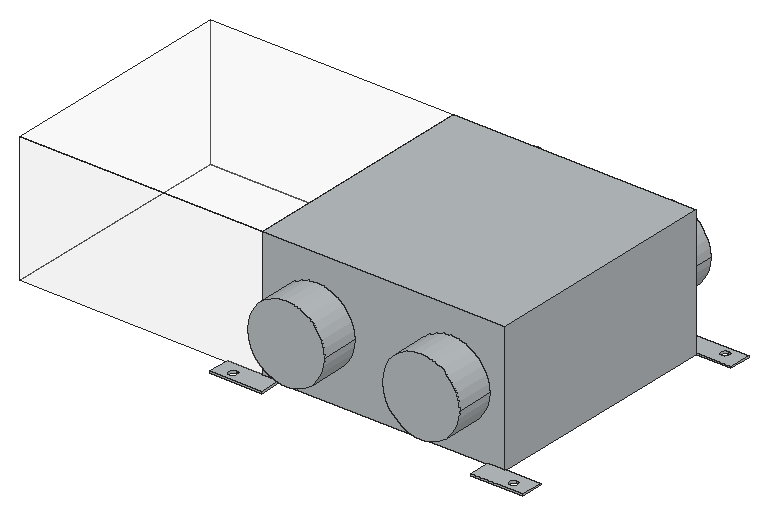
Revit family "bfs-30_80wsu2_50Hz", category 機械設備, Revit 2019
Family settings
  丸型コネクタ寸法 = 直径を使用
  パーツ タイプ = 割り込み
  OmniClass 番号 = 23.75.35.17.27
  OmniClass タイトル = Centrifugal Fans
  作業面ベース = いいえ
  常に垂直 = はい
  ロード時にボイドで切り取り = いいえ
  共有 = いいえ
  部屋計算ポイント = はい
Parameters (values of type "BFS-30WSU2")
  騒音レベル(dB(A))_吸込 = 32.5
  騒音レベル(dB(A))_吐出 = 34
  騒音レベル(dB(A))_側面 = 29
  騒音レベル(dB(A)) = 34
  風量 [instance] = 設計風量  # 0.0 m³/h
  電源種別 [instance] = "一般"
  電圧 = 100 V
  電動機出力 = 30 W
  電動機_種別 [instance] = ""
  運転質量 = 0.00 kg
  連動 [instance] = ""
  質量 = if(製品質量 > 運転質量, 製品質量, 運転質量) * 1.2  # 18.60 kg
  負荷分類 = 3_ファン類
  説明 = "ストレートシロッコファン同時給排気タイプ消音形"
  設計風量 [instance] = 0.0 m³/h
  設置方法 = "天吊"
  記号 [instance] = ""
  製造元 = "三菱電機株式会社"
  製品質量 = 15.50 kg
  製品出荷対象 = "国内"
  製品リリース年月 = "2022年6月1日"
  製品グループ = ""
  系統 [instance] = ""
  符号 [instance] = if(☑給気／□排気, "FS", "FE")  # "FE"
  積算_科目 = "2 換気設備"
  積算_拾い区分 [instance] = ""
  相 = 1
  盤記号 [instance] = ""
  盤工事区分 = "電気工事"
  発停方法 [instance] = "別売スイッチ"
  番手 = "#1"
  特殊仕様 [instance] = ""
  火災停止 = ""
  消費電力 = 75 W
  法定耐用年数 = "15"
  機外静圧 [instance] = 0.0 Pa
  極数 = 2
  極 = 4
  材質 [instance] = ""
  本体マテリアル = 溶融亜鉛めっき鋼板
  操作・制御方式 = ""
  操作・制御スイッチ = ""
  排気量 [instance] = if(☑給気／□排気, 0.0 m³/h, 設計風量)  # 0.0 m³/h
  形式 = ""
  形名 = BFS-WSU : BFS-30WSU
  幹線記号 [instance] = ""
  対象室 [instance] = ""
  実風量 = 0.0 m³/h
  始動方式 [instance] = "直入"
  外気量 [instance] = if(☑給気／□排気, 設計風量, 0.0 m³/h)  # 0.0 m³/h
  呼称 = "消音ボックス付送風機"
  周波数 = 50 Hz
  天吊金具ピッチ幅 = 520 mm
  天吊金具ピッチ奥行 = 490 mm
  参照している仕様書等のバージョン = ""
  分類コード = "50052502100020"
  分類グループ = ""
  価格 = 146000
  企業コード = "108420"
  付属品_防振装置 = ""
  付属品 [instance] = ""
  仕様書バージョン = "Version1.0"
  モデル = "BFS-30WSU2"
  ファンの種類 = "多翼形"
  ダクト径 = 150 mm
  サービススペース = yes
  コメント [instance] = ""
  Keynote = ""
  ☑給気／□排気 [instance] = no
  Width = 448 mm
  Version = ""
  Uniclass2015Version = "Systems v1.9"
  Uniclass2015Title = "Centrifugal fans"
  Uniclass2015Code = "Pr_65_67_29_12"
  URL = "https://www.mitsubishielectric.co.jp/ldg/wink/ssl/displayProduct.do?pid=319100"
  SpecificationReference = ""
  SpecificationDescription = ""
  Revision = ""
  ProductInformation = ""
  OmniClassCode = "23-33 31 19 13 15"
  MIN風量 = 201.0 m³/h
  MIN静圧 = 18.0 Pa
  MID風量 = 0.0 m³/h
  MID静圧 = 0.0 Pa
  MAX風量 = 300.0 m³/h
  MAX静圧 = 39.0 Pa
  M = 70 mm
  IfcTypeProduct = ""
  IfcProduct = ""
  IfcExportType = "CENTRIFUGALFORWARDCURVED"
  IfcExportAs = "IfcFanType"
  Height = 240 mm
  Depth = 442 mm
  Clearance Top = 0 mm  # constant formula
  Clearance Right = 0 mm  # constant formula
  Clearance Left = 450 mm  # constant formula
  Clearance Front = 0 mm  # constant formula
  Clearance Bottom = 0 mm  # constant formula
  Clearance Back = 0 mm  # constant formula
  Author = "三菱電機株式会社"
Types (3, lengths in mm): name | 騒音レベル(dB(A))_吸込 | 騒音レベル(dB(A))_吐出 | 騒音レベル(dB(A))_側面 | 騒音レベル(dB(A)) | 電動機出力 | 質量 | 製品質量 | 番手 | 消費電力 | 形名 | 天吊金具ピッチ幅 | 天吊金具ピッチ奥行 | 価格 | モデル | ダクト径 | Width | URL | MIN風量 | MIN静圧 | MAX風量 | MAX静圧 | M | Height | Depth
  BFS-30WSU2 | 32.5 | 34 | 29 | 34 | 30 W | 18.60 kg | 15.50 kg | "#1" | 75 W | BFS-WSU : BFS-30WSU | 520 | 490 | 146000 | "BFS-30WSU2" | 150 | 448 | "https://www.mitsubishielectric.co.jp/ldg/wink/ssl/displayProduct.do?pid=319100" | 201.0 m³/h | 18.0 Pa | 300.0 m³/h | 39.0 Pa | 70 | 240 | 442
  BFS-50WSU2 | 34.5 | 39 | 31 | 39 | 90 W | 36.00 kg | 30.00 kg | "#1 1/4" | 171 W | BFS-WSU : BFS-50WSU | 720 | 570 | 245000 | "BFS-50WSU2" | 200 | 649 | "https://www.mitsubishielectric.co.jp/ldg/wink/ssl/displayProduct.do?pid=319115" | 450.0 m³/h | 80.0 Pa | 500.0 m³/h | 98.0 Pa | 85 | 270 | 522
  BFS-80WSU2 | 35 | 41 | 35 | 41 | 200 W | 51.60 kg | 43.00 kg | "#1 1/4" | 244 W | BFS-WSU : BFS-80WSU | 850 | 645 | 320000 | "BFS-80WSU2" | 200 | 779 | "https://www.mitsubishielectric.co.jp/ldg/wink/ssl/displayProduct.do?pid=318808" | 638.0 m³/h | 70.0 Pa | 800.0 m³/h | 108.0 Pa | 85 | 320 | 597
Reference planes
  plane 1 "中心(正面/背面)": y = 0
  plane 2: z = 0
  plane 3 "中心(左/右)": x = 0
  plane 4 "4": x = 0
  plane 5 "3": x = 0
  plane 6 "左": x = -224
  plane 7 "右": x = 224
  plane 8 "背面": y = 221
  plane 9 "正面": y = -221
  plane 10: z = 120
  plane 11: y = 245
  plane 12: y = -245
  plane 13: x = 260
  plane 14: x = -260
  plane 15: z = -120
  plane 16: y = 221
  plane 17: y = -221
  plane 18: x = 224
  plane 19: x = -674
  plane 20: z = 120
  plane 21: z = -120
Lines and regions (mm)
  Masking region 1, detail levels coarse+medium
    outline origin (-342.678, -612.138, 0) x (1, 0, 0) y (0, 1, 0)
      loop
        line (118.678, 391.138) -> (566.678, 391.138) -> (566.678, 833.138) -> (118.678, 833.138) -> (118.678, 391.138)
  symbolic lines, detail levels coarse+medium
    curve 1: line (-224, 221, 0) -> (224, 0, 0)
    curve 2: line (224, 0, 0) -> (-224, -221, 0)
Dimensions and locks
  equal spacing: plane 6 "左", plane 5 "3", plane 7 "右"
  "Width": plane 6 "左" to plane 7 "右"
  equal spacing: plane 9 "正面", plane 1 "中心(正面/背面)", plane 8 "背面"
  "Depth": plane 9 "正面" to plane 8 "背面"
  equal spacing: plane 10, level, plane 15
  "Height": plane 10 to plane 15
  equal spacing: plane 12, plane 1 "中心(正面/背面)", plane 11
  "天吊金具ピッチ奥行": plane 12 to plane 11
  equal spacing: plane 14, plane 5 "3", plane 13
  "天吊金具ピッチ幅": plane 14 to plane 13
  "Clearance Back": plane 8 "背面" to plane 16
  "Clearance Front": plane 17 to plane 9 "正面"
  "Clearance Left": plane 19 to plane 6 "左"
  "Clearance Right": plane 7 "右" to plane 18
  "Clearance Top": plane 20 to plane 10
  "Clearance Bottom": plane 15 to plane 21
  aligned and locked: level to plane 2
  aligned and locked: nested 1 to plane 11
  aligned and locked: plane 12 to nested 1
  aligned and locked: plane 14 to nested 1
  aligned and locked: plane 13 to nested 1
  aligned and locked: plane 10 to nested 2
  aligned and locked: plane 19 to nested 3
  aligned and locked: plane 17 to nested 3
  aligned and locked: plane 20 to nested 3
  aligned and locked: plane 21 to nested 3
  aligned and locked: plane 16 to nested 3
  aligned and locked: plane 6 "左" to nested 3
  aligned and locked: plane 1 "中心(正面/背面)" to nested 2
  aligned and locked: nested 2 to plane 5 "3"
  aligned and locked: plane 7 "右" to Masking region 1
  aligned and locked: Masking region 1 to plane 6 "左"
  aligned and locked: Masking region 1 to plane 8 "背面"
  aligned and locked: plane 9 "正面" to Masking region 1
Automatic sketch dimensions
  plane 14 to Masking region 1 sketch curve = 36 mm
  plane 3 "中心(左/右)" to Masking region 1 sketch curve = 224 mm
  Masking region 1 sketch curve to plane 12 = 24 mm
  plane 8 "背面" to Masking region 1 sketch curve = 0 mm
  curve 2 to plane 6 "左" = 0 mm
  curve 1 to plane 6 "左" = 0 mm
  curve 2 to plane 7 "右" = 0 mm
  plane 1 "中心(正面/背面)" to curve 1 = 0 mm
  plane 9 "正面" to curve 2 = 0 mm
  plane 8 "背面" to curve 1 = 0 mm
Nested families
  nested 1: "固定点" at (-260, -245, 0), type "固定点"
    with W 520 mm, D 490 mm, 中心円 15 mm
  nested 2: "BFS-WSU" at (0, 0, -120) x (0, -1, 0) z (0, 0, 1), type <- "形名", type "BFS-30WSU"
  nested 3: "サービススペース" at (-449, 0, 0), visible <- "サービススペース", type "サービススペース"
    with Width 450 mm, Height 240 mm, Depth 442 mm
Connectors
  hvac at (-125, -291, 0), driven by "ダクト径", driven by "機外静圧", driven by "風量"
    settings: on nested 2, index 2, duct flow 0.0 m³/h, flow factor 0, pres drop 0.0 Pa, loss coef 0, conn angle 0.00°, conn width 304.8 mm, conn height 304.8 mm, conn diameter 150 mm, duct sys type 29, conn prof type 0, flow config 0, flow direction 2, loss method 4, conn ref index -1, conn util no, is conn primary yes, conn desc "Out"
  hvac at (125, -291, 0), driven by "ダクト径", driven by "機外静圧", driven by "風量"
    settings: on nested 2, index 3, duct flow 0.0 m³/h, flow factor 0, pres drop 0.0 Pa, loss coef 0, conn angle 0.00°, conn width 304.8 mm, conn height 304.8 mm, conn diameter 150 mm, duct sys type 29, conn prof type 0, flow config 0, flow direction 1, loss method 4, conn ref index -1, conn util no, is conn primary no, conn desc "In"
  hvac at (125, 291, 0), driven by "ダクト径", driven by "機外静圧", driven by "風量"
    settings: on nested 2, index 4, duct flow 0.0 m³/h, flow factor 0, pres drop 0.0 Pa, loss coef 0, conn angle 0.00°, conn width 304.8 mm, conn height 304.8 mm, conn diameter 150 mm, duct sys type 29, conn prof type 0, flow config 0, flow direction 2, loss method 4, conn ref index -1, conn util no, is conn primary no, conn desc "Out"
  hvac at (-125, 291, 0), driven by "ダクト径", driven by "機外静圧", driven by "風量"
    settings: on nested 2, index 5, duct flow 0.0 m³/h, flow factor 0, pres drop 0.0 Pa, loss coef 0, conn angle 0.00°, conn width 304.8 mm, conn height 304.8 mm, conn diameter 150 mm, duct sys type 29, conn prof type 0, flow config 0, flow direction 1, loss method 4, conn ref index -1, conn util no, is conn primary no, conn desc "In"
  electrical at (-224, 0, 0), driven by "極数", driven by "負荷分類", driven by "電圧", driven by "消費電力"
    settings: on nested 2, index 6, voltage 100 V, apparent load 75 VA, apparent load phase1 0 VA, apparent load phase2 0 VA, apparent load phase3 0 VA, power factor 1, load classification "3_ファン類", number of poles 2, system type 30, power factor state 1, is connector primary yes, connector utility no, sub classification motor no, connector description ""
Definition of nested family "BFS-WSU"
  Parameters (values of type "BFS-30WSU")
    吊りボルト-W2 = 0 mm
    吊りボルト-W1 = 490 mm
    吊りボルト-D2 = 580 mm
    吊りボルト-D1 = 520 mm
    マテリアル = none
    ダクト間 = 250 mm
    φ = 142 mm
    kb_z = 25 mm
    b = 234 mm
    a = 70 mm
    W = 442 mm
    H = 240 mm
    c = 200 mm
    D = 448 mm
  Types (3, lengths in mm): name | 吊りボルト-W1 | 吊りボルト-D2 | 吊りボルト-D1 | ダクト間 | φ | b | a | W | H | c | D
    BFS-30WSU | 490 | 580 | 520 | 250 | 142 | 234 | 70 | 442 | 240 | 200 | 448
    BFS-80WSU | 645 | 910 | 850 | 400 | 192 | 391 | 85 | 597 | 320 | 300 | 779
    BFS-50WSU | 570 | 780 | 720 | 311 | 192 | 291 | 85 | 522 | 270 | 200 | 649
  Reference planes
    plane 1 "中心(正面/背面)": y = 0
    plane 2: z = 0
    plane 3 "中心(左/右)": x = 0
    plane 4: y = 224
    plane 5: y = 260
    plane 6: y = 290
    plane 7: y = -224
    plane 8: y = -260
    plane 9: y = -290
    plane 10: x = -221
    plane 11: x = -224
    plane 12: x = 221
    plane 13: x = 224
    plane 14: z = 240
    plane 15: z = 600
    plane 16: z = 900
    plane 17: z = 1200
    plane 18: x = -213
    plane 19: x = 21
    plane 20: x = 291
    plane 21: x = -291
    plane 22: z = 120
    plane 23: y = -227
    plane 24: z = 125
    plane 25: z = 25
    plane 26: z = 3
    plane 27: y = 125
    plane 28: y = -125
    plane 29: x = -261
    plane 30: x = 261
    plane 31: x = -245
    plane 32: x = 245
    plane 33: z = 40
    plane 34: y = 194
    plane 35: y = -194
  Forms (mm)
    Extrusion 1, solid, material <- "マテリアル", detail levels fine
      sketch origin (0, 0, 0) x (1, 0, 0) y (0, 1, 0)
        loop
          line (-221, 224) -> (-221, -224) -> (221, -224) -> (221, 224) -> (-221, 224)
      from 0 to 240
    Extrusion 2, solid, material <- "マテリアル", detail levels fine
      sketch origin (0, 0, 0) x (0, 1, 0) y (0, 0, 1)
        loop
          circle (-125, 120) r 71
        loop
          circle (125, 120) r 71
      from -221 to -291
    Extrusion 3, solid, material <- "マテリアル", detail levels fine
      sketch origin (0, 0, 0) x (0, 1, 0) y (0, 0, -1)
        loop
          circle (-125, -120) r 71
        loop
          circle (125, -120) r 71
      from -221 to -291
    Extrusion 4, solid, material <- "マテリアル", detail levels fine
      sketch origin (0, 0, 0) x (1, 0, 0) y (0, 1, 0)
        loop
          line (-261, 290) -> (-261, 194) -> (-221, 194) -> (-221, 290) -> (-261, 290)
        loop
          circle (-245, 260) r 7.5
        loop
          line (261, 290) -> (221, 290) -> (221, 194) -> (261, 194) -> (261, 290)
        loop
          circle (245, 260) r 7.5
        loop
          line (-261, -290) -> (-221, -290) -> (-221, -194) -> (-261, -194) -> (-261, -290)
        loop
          circle (-245, -260) r 7.5
        loop
          line (261, -290) -> (261, -194) -> (221, -194) -> (221, -290) -> (261, -290)
        loop
          circle (245, -260) r 7.5
      from 0 to 3
  Dimensions and locks
    plane 11 to plane 13 = 448 mm
    "W": plane 10 to plane 12
    "吊りボルト-D2": plane 9 to plane 6
    "吊りボルト-D1": plane 8 to plane 5
    "D": plane 7 to plane 4
    equal spacing: plane 7, plane 1 "中心(正面/背面)", plane 4
    equal spacing: plane 10, plane 3 "中心(左/右)", plane 12
    "H": plane 14 to level
    locked: plane 12 to plane 13 at 3
    locked: plane 11 to plane 10 at 3
    equal spacing: plane 14, plane 22, level
    locked: plane 23 to plane 7 at 3
    "a": plane 21 to plane 10
    "a": plane 12 to plane 20
    "c": plane 12 to plane 19
    "b": plane 19 to plane 18
    locked: plane 24 to plane 25 at 100
    "kb_z": plane 25 to level
    equal spacing: plane 8, plane 1 "中心(正面/背面)", plane 5
    equal spacing: plane 9, plane 1 "中心(正面/背面)", plane 6
    locked: plane 26 to level at 3
    equal spacing: plane 28, plane 1 "中心(正面/背面)", plane 27
    "ダクト間": plane 28 to plane 27
    locked: plane 12 to plane 30 at 40
    locked: plane 29 to plane 10 at 40
    equal spacing: plane 31, plane 3 "中心(左/右)", plane 32
    "吊りボルト-W1": plane 31 to plane 32
    locked: plane 33 to level at 40
    locked: plane 7 to plane 35 at 30
    locked: plane 34 to plane 4 at 30
    plane 29 to plane 30 = 522 mm
    plane 21 to plane 20 = 582 mm
    "φ": diameter of Extrusion 2 sketch curve  (x2)
    "φ": diameter of Extrusion 3 sketch curve  (x2)
    aligned and locked: level to plane 2
    aligned and locked: plane 4 to Extrusion 1 sketch curve
    aligned and locked: plane 10 to Extrusion 1 sketch curve
    aligned and locked: Extrusion 1 sketch curve to plane 7
    aligned and locked: Extrusion 1 sketch curve to plane 12
    aligned and locked: plane 14 to Extrusion 1
    aligned and locked: plane 22 to Extrusion 2 sketch curve  (x2)
    aligned and locked: Extrusion 2 to plane 21
    aligned and locked: plane 20 to Extrusion 3
    aligned and locked: plane 28 to Extrusion 3 sketch curve
    aligned and locked: plane 22 to Extrusion 3 sketch curve  (x2)
    aligned and locked: plane 28 to Extrusion 2 sketch curve
    aligned and locked: plane 27 to Extrusion 3 sketch curve
    aligned and locked: plane 27 to Extrusion 2 sketch curve
    aligned and locked: plane 6 to Extrusion 4 sketch curve
    aligned and locked: plane 29 to Extrusion 4 sketch curve
    aligned and locked: Extrusion 4 sketch curve to plane 34
    aligned and locked: Extrusion 4 sketch curve to plane 10
    aligned and locked: plane 5 to Extrusion 4 sketch curve  (x2)
    aligned and locked: plane 31 to Extrusion 4 sketch curve  (x2)
    aligned and locked: Extrusion 4 sketch curve to plane 6
    aligned and locked: plane 34 to Extrusion 4 sketch curve
    aligned and locked: plane 30 to Extrusion 4 sketch curve
    aligned and locked: Extrusion 4 sketch curve to plane 12
    aligned and locked: plane 32 to Extrusion 4 sketch curve  (x2)
    aligned and locked: plane 8 to Extrusion 4 sketch curve  (x2)
    aligned and locked: Extrusion 4 sketch curve to plane 9
    aligned and locked: plane 35 to Extrusion 4 sketch curve
    aligned and locked: Extrusion 4 sketch curve to plane 30
    aligned and locked: plane 12 to Extrusion 4 sketch curve
    aligned and locked: plane 9 to Extrusion 4 sketch curve
    aligned and locked: Extrusion 4 sketch curve to plane 35
    aligned and locked: Extrusion 4 sketch curve to plane 29
    aligned and locked: plane 10 to Extrusion 4 sketch curve
    aligned and locked: Extrusion 4 to level
    aligned and locked: plane 26 to Extrusion 4
    aligned and locked: Extrusion 3 to plane 12
    aligned and locked: plane 10 to Extrusion 2
    aligned and locked: Extrusion 3 to Extrusion 1
  Automatic sketch dimensions
    radius of Extrusion 4 sketch curve = 7.5 mm  (x4)
Definition of nested family "サービススペース"
  Parameters (values of type "サービススペース")
    Width [instance] = 500 mm
    Height [instance] = 500 mm
    Depth [instance] = 500 mm
  Reference planes
    plane 1 "中心(正面/背面)": y = 0
    plane 2: z = 0
    plane 3 "中心(左/右)": x = 0
    plane 4: y = -250
    plane 5: x = 250
    plane 6: y = 250
    plane 7: x = -250
    plane 8: z = 250
    plane 9: z = -250
  Forms (mm)
    Extrusion 1, solid
      sketch origin (-638.939, 0, 72.39) x (1, 0, 0) y (0, 1, 0)
        loop
          line (388.939, 250) -> (388.939, -250) -> (888.939, -250) -> (888.939, 250) -> (388.939, 250)
      from -322.39 to 177.61
  Lines and regions (mm)
    symbolic lines
      curve 1: line (-250, 0, 250) -> (250, 0, 250)
      curve 2: line (-250, 0, -250) -> (-250, 0, 250)
      curve 3: line (250, 0, -250) -> (-250, 0, -250)
      curve 4: line (250, 0, 250) -> (250, 0, -250)
      curve 5: line (0, -250, 250) -> (0, 250, 250)
      curve 6: line (0, -250, -250) -> (0, -250, 250)
      curve 7: line (0, 250, -250) -> (0, -250, -250)
      curve 8: line (0, 250, 250) -> (0, 250, -250)
      curve 9: line (-250, 250, 0) -> (250, 250, 0)
      curve 10: line (-250, -250, 0) -> (-250, 250, 0)
      curve 11: line (250, -250, 0) -> (-250, -250, 0)
      curve 12: line (250, 250, 0) -> (250, -250, 0)
  Dimensions and locks
    equal spacing: plane 7, plane 3 "中心(左/右)", plane 5
    equal spacing: plane 4, plane 1 "中心(正面/背面)", plane 6
    "Depth": plane 4 to plane 6
    "Width": plane 7 to plane 5
    equal spacing: plane 8, plane 2, plane 9
    "Height": plane 8 to plane 9
    aligned and locked: plane 9 to curve 3
    aligned and locked: plane 7 to curve 2
    aligned and locked: curve 4 to plane 5
    aligned and locked: plane 5 to Extrusion 1
    aligned and locked: Extrusion 1 to plane 7
    aligned and locked: Extrusion 1 to plane 9
    aligned and locked: plane 8 to Extrusion 1
    aligned and locked: plane 9 to curve 7
  Automatic sketch dimensions
    plane 4 to Extrusion 1 sketch curve = 0 mm
    Extrusion 1 sketch curve to plane 7 = 0 mm
    Extrusion 1 sketch curve to plane 5 = 0 mm
    plane 6 to Extrusion 1 sketch curve = 0 mm
    curve 2 to plane 8 = 0 mm
    plane 4 to curve 11 = 0 mm
    curve 11 to plane 7 = 0 mm
    curve 11 to plane 5 = 0 mm
    plane 6 to curve 10 = 0 mm
    curve 7 to plane 4 = 0 mm
    curve 7 to plane 6 = 0 mm
    curve 6 to plane 8 = 0 mm
Definition of nested family "固定点"
  Parameters (values of type "固定点")
    中心円 = 11 mm
    W [instance] = 1000 mm
    D [instance] = 1000 mm
  Reference planes
    plane 1 "中心(正面/背面)": y = 0
    plane 2: z = 0
    plane 3 "中心(左/右)": x = 0
    plane 4: x = 1000
    plane 5: y = 1000
  Lines and regions (mm)
    symbolic lines, detail levels fine
      curve 1: circle (0, 1000, 0) r 5.5 normal (0, 0, 1)
      curve 2: circle (0, 0, 0) r 5.5 normal (0, 0, 1)
      curve 3: circle (1000, 1000, 0) r 5.5 normal (0, 0, 1)
      curve 4: circle (1000, 0, 0) r 5.5 normal (0, 0, 1)
      curve 5: line (-200, 1000, 0) -> (1200, 1000, 0)
      curve 6: line (-200, 0, 0) -> (1200, 0, 0)
      curve 7: line (0, 1200, 0) -> (0, -200, 0)
      curve 8: line (1000, 1200, 0) -> (1000, -200, 0)
  Dimensions and locks
    "W": plane 3 "中心(左/右)" to plane 4
    "D": plane 1 "中心(正面/背面)" to plane 5
    "中心円": diameter of curve 1
    "中心円": diameter of curve 2
    "中心円": diameter of curve 3
    "中心円": diameter of curve 4
    aligned and locked: level to plane 2
    aligned and locked: plane 5 to curve 1
    aligned and locked: plane 3 "中心(左/右)" to curve 1
    aligned and locked: plane 3 "中心(左/右)" to curve 2
    aligned and locked: plane 1 "中心(正面/背面)" to curve 2
    aligned and locked: plane 4 to curve 3
    aligned and locked: plane 5 to curve 3
    aligned and locked: plane 1 "中心(正面/背面)" to curve 4
    aligned and locked: plane 4 to curve 4
    aligned and locked: plane 1 "中心(正面/背面)" to curve 6
    aligned and locked: curve 7 to plane 3 "中心(左/右)"
    aligned and locked: curve 8 to plane 4
  Automatic sketch dimensions
    curve 5 to plane 5 = 0 mm
    curve 6 to plane 3 "中心(左/右)" = 200 mm
    curve 5 to plane 3 "中心(左/右)" = 200 mm
    curve 4 to curve 6 = 200 mm
    curve 3 to curve 5 = 200 mm
    plane 1 "中心(正面/背面)" to curve 8 = 200 mm
    plane 1 "中心(正面/背面)" to curve 7 = 200 mm
    curve 3 to curve 8 = 200 mm
    curve 1 to curve 7 = 200 mm
